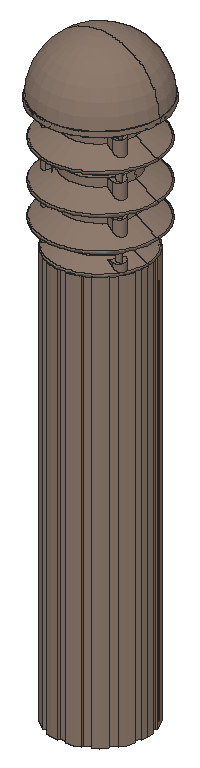
Revit family "BL5021", category Generic Models, Revit 2014
Parameters
  TOP CAP = Bronze, Architectural
  SUPPORT = Bronze, Architectural
  LOUVERS = Bronze, Architectural
  LENS = Acrylic
  BODY = Bronze, Architectural
Reference planes (in)
  plane 1 "Center (Front/Back)": y = 0
  plane 2: z = 0
  plane 3 "Center (Left/Right)": x = 0
Forms (in)
  Revolve 1, solid, material "Bronze, Architectural" <- "TOP CAP"
    sketch origin (0, 0, 0) x (1, 0, 0) y (0, 0, 1)
      loop
        arc (3.09692, 29.16516) -> (2.15586, 31.29218) -> (0, 32.16516) r 3.09849
        line (0, 32.16516) -> (0, 28.80573) -> (2.9375, 28.80573)
        arc (2.9375, 28.80573) -> (2.99598, 28.84617) -> (2.97878, 28.91516) r 0.0625
        line (2.97878, 28.91516) -> (3.15625, 28.91516) -> (3.14752, 29.16516) -> (3.09692, 29.16516)
      axis (0, 28.80573) -> (0, 32.16516)
    angle from 0 to 360
  Revolve 2, solid, material "Bronze, Architectural" <- "LOUVERS"
    sketch origin (0, 0, 0) x (1, 0, 0) y (0, 0, 1)
      loop
        line (0, 28.2684) -> (0, 27.08698) -> (2.9375, 27.08698)
        arc (2.9375, 27.08698) -> (2.99787, 27.13331) -> (2.96875, 27.20361) r 0.0625
        line (2.96875, 27.20361) -> (1.82813, 27.86215) -> (1.8125, 28.2684) -> (0, 28.2684)
      axis (0, 28.2684) -> (0, 27.08698)
    angle from 0 to 360
  Revolve 3, solid, material "Bronze, Architectural" <- "LOUVERS"
    sketch origin (0, 0, -2) x (1, 0, 0) y (0, 0, 1)
      loop
        line (0, 28.2684) -> (0, 27.08698) -> (2.9375, 27.08698)
        arc (2.9375, 27.08698) -> (2.99787, 27.13331) -> (2.96875, 27.20361) r 0.0625
        line (2.96875, 27.20361) -> (1.82813, 27.86215) -> (1.8125, 28.2684) -> (0, 28.2684)
      axis (0, 28.2684) -> (0, 27.08698)
    angle from 0 to 360
  Revolve 4, solid, material "Bronze, Architectural" <- "LOUVERS"
    sketch origin (0, 0, -3.71875) x (1, 0, 0) y (0, 0, 1)
      loop
        line (0, 28.2684) -> (0, 27.08698) -> (2.9375, 27.08698)
        arc (2.9375, 27.08698) -> (2.99787, 27.13331) -> (2.96875, 27.20361) r 0.0625
        line (2.96875, 27.20361) -> (1.82813, 27.86215) -> (1.8125, 28.2684) -> (0, 28.2684)
      axis (0, 28.2684) -> (0, 27.08698)
    angle from 0 to 360
  Revolve 5, solid, material "Bronze, Architectural" <- "BODY"
    sketch origin (0, 0, 0) x (1, 0, 0) y (0, 0, 1)
      loop
        line (0, 0) -> (2.5, 0) -> (2.5, 22.00001) -> (2.4375, 22.00001)
        arc (2.4375, 22.00001) -> (2.49787, 22.04633) -> (2.46875, 22.11664) r 0.0625
        line (2.46875, 22.11664) -> (1.71875, 22.54965) -> (0, 22.54965) -> (0, 0)
      axis (0, 22.54965) -> (0, 0)
    angle from 0 to 360
  Extrusion 6, void
    sketch origin (0, 0, 0) x (1, 0, 0) y (0, 0, 1)
      loop
        line (0.20139, 22.00001) -> (-0.20139, 22.00001) -> (-0.20139, 0) -> (0.20139, 0) -> (0.20139, 22.00001)
    from -3.15625 to -2.373
  Extrusion 7, void
    sketch origin (0, 0, 0) x (0.900969, 0.433884, 0) y (0, 0, 1)
      loop
        line (0.20139, 22.00001) -> (-0.20139, 22.00001) -> (-0.20139, 0) -> (0.20139, 0) -> (0.20139, 22.00001)
    from -3.15625 to -2.373
  Extrusion 8, void
    sketch origin (0, 0, 0) x (0.62349, 0.781831, 0) y (0, 0, 1)
      loop
        line (0.20139, 22.00001) -> (-0.20139, 22.00001) -> (-0.20139, 0) -> (0.20139, 0) -> (0.20139, 22.00001)
    from -3.15625 to -2.373
  Extrusion 9, void
    sketch origin (0, 0, 0) x (0.222521, 0.974928, 0) y (0, 0, 1)
      loop
        line (0.20139, 22.00001) -> (-0.20139, 22.00001) -> (-0.20139, 0) -> (0.20139, 0) -> (0.20139, 22.00001)
    from -3.15625 to -2.373
  Extrusion 10, void
    sketch origin (0, 0, 0) x (0.900969, -0.433884, 0) y (0, 0, 1)
      loop
        line (0.20139, 22.00001) -> (-0.20139, 22.00001) -> (-0.20139, 0) -> (0.20139, 0) -> (0.20139, 22.00001)
    from -3.15625 to -2.373
  Extrusion 11, void
    sketch origin (0, 0, 0) x (0.62349, -0.781831, 0) y (0, 0, 1)
      loop
        line (0.20139, 22.00001) -> (-0.20139, 22.00001) -> (-0.20139, 0) -> (0.20139, 0) -> (0.20139, 22.00001)
    from -3.15625 to -2.373
  Extrusion 12, void
    sketch origin (0, 0, 0) x (0.222521, -0.974928, 0) y (0, 0, 1)
      loop
        line (0.20139, 22.00001) -> (-0.20139, 22.00001) -> (-0.20139, 0) -> (0.20139, 0) -> (0.20139, 22.00001)
    from -3.15625 to -2.373
  Extrusion 13, void
    sketch origin (0, 0, 0) x (-0.222521, -0.974928, 0) y (0, 0, 1)
      loop
        line (0.20139, 22.00001) -> (-0.20139, 22.00001) -> (-0.20139, 0) -> (0.20139, 0) -> (0.20139, 22.00001)
    from -3.15625 to -2.373
  Extrusion 14, void
    sketch origin (0, 0, 0) x (-0.62349, -0.781831, 0) y (0, 0, 1)
      loop
        line (0.20139, 22.00001) -> (-0.20139, 22.00001) -> (-0.20139, 0) -> (0.20139, 0) -> (0.20139, 22.00001)
    from -3.15625 to -2.373
  Extrusion 15, void
    sketch origin (0, 0, 0) x (-0.222521, 0.974928, 0) y (0, 0, 1)
      loop
        line (0.20139, 22.00001) -> (-0.20139, 22.00001) -> (-0.20139, 0) -> (0.20139, 0) -> (0.20139, 22.00001)
    from -3.15625 to -2.373
  Extrusion 16, void
    sketch origin (0, 0, 0) x (-0.62349, 0.781831, 0) y (0, 0, 1)
      loop
        line (0.20139, 22.00001) -> (-0.20139, 22.00001) -> (-0.20139, 0) -> (0.20139, 0) -> (0.20139, 22.00001)
    from -3.15625 to -2.373
  Extrusion 17, void
    sketch origin (0, 0, 0) x (-0.900969, 0.433884, 0) y (0, 0, 1)
      loop
        line (0.20139, 22.00001) -> (-0.20139, 22.00001) -> (-0.20139, 0) -> (0.20139, 0) -> (0.20139, 22.00001)
    from -3.15625 to -2.373
  Extrusion 18, void
    sketch origin (0, 0, 0) x (-0.900969, -0.433884, 0) y (0, 0, 1)
      loop
        line (0.20139, 22.00001) -> (-0.20139, 22.00001) -> (-0.20139, 0) -> (0.20139, 0) -> (0.20139, 22.00001)
    from -3.15625 to -2.373
  Extrusion 19, void
    sketch origin (0, 0, 0) x (-1, 0, 0) y (0, 0, 1)
      loop
        line (0.20139, 22.00001) -> (-0.20139, 22.00001) -> (-0.20139, 0) -> (0.20139, 0) -> (0.20139, 22.00001)
    from -3.15625 to -2.373
  Revolve 20, solid, material "Acrylic" <- "LENS"
    sketch origin (0.00004, 0, 0) x (1, 0, 0) y (0, 0, 1)
      loop
        line (1.5644, 22.54965) -> (1.5644, 28.80473) -> (0, 28.80473) -> (0, 22.54965) -> (1.5644, 22.54965)
      axis (0, 28.80473) -> (0, 22.54965)
    angle from 0 to 360
  Revolve 21, void
    sketch origin (0, 0, 0) x (1, 0, 0) y (0, 0, 1)
      loop
        line (1.56444, 22.54965) -> (1.56444, 29.16516) -> (0, 29.16516) -> (0, 22.54965) -> (1.56444, 22.54965)
      axis (0, 29.16516) -> (0, 22.54965)
    angle from 0 to 360
  Extrusion 22, solid, material "Bronze, Architectural" <- "SUPPORT"
    sketch origin (-29.311, 43.72954, 0) x (1, 0, 0) y (0, 1, 0)
      loop
        line (29.00773, -41.53245) -> (28.90475, -41.94683) -> (29.71725, -41.94683) -> (29.61428, -41.53245)
        arc (29.61428, -41.53245) -> (29.311, -41.29531) -> (29.00773, -41.53245) r 0.3125
    from 23.36823 to 24.54965
  Extrusion 23, solid, material "Bronze, Architectural" <- "SUPPORT"
    sketch origin (-5.52885, -0.7968, 0) x (1, 0, 0) y (0, 1, 0)
      loop
        circle (5.52885, 2.90527) r 0.125
    from 22.00001 to 28.91516
  Extrusion 24, solid, material "Bronze, Architectural" <- "SUPPORT"
    sketch origin (-29.311, 43.72954, 0) x (1, 0, 0) y (0, 1, 0)
      loop
        line (29.00773, -41.53245) -> (28.90475, -41.94683) -> (29.71725, -41.94683) -> (29.61428, -41.53245)
        arc (29.61428, -41.53245) -> (29.311, -41.29531) -> (29.00773, -41.53245) r 0.3125
    from 25.08698 to 26.2684
  Extrusion 25, solid, material "Bronze, Architectural" <- "SUPPORT"
    sketch origin (-29.311, 43.72954, 0) x (1, 0, 0) y (0, 1, 0)
      loop
        line (29.00773, -41.53245) -> (28.90475, -41.94683) -> (29.71725, -41.94683) -> (29.61428, -41.53245)
        arc (29.61428, -41.53245) -> (29.311, -41.29531) -> (29.00773, -41.53245) r 0.3125
    from 27.08698 to 28.2684
  Extrusion 26, solid, material "Bronze, Architectural" <- "SUPPORT"
    sketch origin (-29.311, 43.72954, 0) x (1, 0, 0) y (0, 1, 0)
      loop
        line (29.00773, -41.53245) -> (28.90475, -41.94683) -> (29.71725, -41.94683) -> (29.61428, -41.53245)
        arc (29.61428, -41.53245) -> (29.311, -41.29531) -> (29.00773, -41.53245) r 0.3125
    from 22.00001 to 22.48122
  Extrusion 27, solid, material "Bronze, Architectural" <- "SUPPORT"
    sketch origin (-23.21539, -47.24884, 0) x (-0.5, 0.866025, 0) y (-0.866025, -0.5, 0)
      loop
        line (29.00773, -41.53245) -> (28.90475, -41.94683) -> (29.71725, -41.94683) -> (29.61428, -41.53245)
        arc (29.61428, -41.53245) -> (29.311, -41.29531) -> (29.00773, -41.53245) r 0.3125
    from 23.36823 to 24.54965
  Extrusion 28, solid, material "Bronze, Architectural" <- "SUPPORT"
    sketch origin (3.45447, -4.38973, 0) x (-0.5, 0.866025, 0) y (-0.866025, -0.5, 0)
      loop
        circle (5.52885, 2.90527) r 0.125
    from 22.00001 to 28.91516
  Extrusion 29, solid, material "Bronze, Architectural" <- "SUPPORT"
    sketch origin (-23.21539, -47.24884, 0) x (-0.5, 0.866025, 0) y (-0.866025, -0.5, 0)
      loop
        line (29.00773, -41.53245) -> (28.90475, -41.94683) -> (29.71725, -41.94683) -> (29.61428, -41.53245)
        arc (29.61428, -41.53245) -> (29.311, -41.29531) -> (29.00773, -41.53245) r 0.3125
    from 25.08698 to 26.2684
  Extrusion 30, solid, material "Bronze, Architectural" <- "SUPPORT"
    sketch origin (-23.21539, -47.24884, 0) x (-0.5, 0.866025, 0) y (-0.866025, -0.5, 0)
      loop
        line (29.00773, -41.53245) -> (28.90475, -41.94683) -> (29.71725, -41.94683) -> (29.61428, -41.53245)
        arc (29.61428, -41.53245) -> (29.311, -41.29531) -> (29.00773, -41.53245) r 0.3125
    from 27.08698 to 28.2684
  Extrusion 31, solid, material "Bronze, Architectural" <- "SUPPORT"
    sketch origin (-23.21539, -47.24884, 0) x (-0.5, 0.866025, 0) y (-0.866025, -0.5, 0)
      loop
        line (29.00773, -41.53245) -> (28.90475, -41.94683) -> (29.71725, -41.94683) -> (29.61428, -41.53245)
        arc (29.61428, -41.53245) -> (29.311, -41.29531) -> (29.00773, -41.53245) r 0.3125
    from 22.00001 to 22.48122
  Extrusion 32, solid, material "Bronze, Architectural" <- "SUPPORT"
    sketch origin (52.52639, 3.5193, 0) x (-0.5, -0.866025, 0) y (0.866025, -0.5, 0)
      loop
        line (29.00773, -41.53245) -> (28.90475, -41.94683) -> (29.71725, -41.94683) -> (29.61428, -41.53245)
        arc (29.61428, -41.53245) -> (29.311, -41.29531) -> (29.00773, -41.53245) r 0.3125
    from 23.36823 to 24.54965
  Extrusion 33, solid, material "Bronze, Architectural" <- "SUPPORT"
    sketch origin (2.07438, 5.18652, 0) x (-0.5, -0.866025, 0) y (0.866025, -0.5, 0)
      loop
        circle (5.52885, 2.90527) r 0.125
    from 22.00001 to 28.91516
  Extrusion 34, solid, material "Bronze, Architectural" <- "SUPPORT"
    sketch origin (52.52639, 3.5193, 0) x (-0.5, -0.866025, 0) y (0.866025, -0.5, 0)
      loop
        line (29.00773, -41.53245) -> (28.90475, -41.94683) -> (29.71725, -41.94683) -> (29.61428, -41.53245)
        arc (29.61428, -41.53245) -> (29.311, -41.29531) -> (29.00773, -41.53245) r 0.3125
    from 25.08698 to 26.2684
  Extrusion 35, solid, material "Bronze, Architectural" <- "SUPPORT"
    sketch origin (52.52639, 3.5193, 0) x (-0.5, -0.866025, 0) y (0.866025, -0.5, 0)
      loop
        line (29.00773, -41.53245) -> (28.90475, -41.94683) -> (29.71725, -41.94683) -> (29.61428, -41.53245)
        arc (29.61428, -41.53245) -> (29.311, -41.29531) -> (29.00773, -41.53245) r 0.3125
    from 27.08698 to 28.2684
  Extrusion 36, solid, material "Bronze, Architectural" <- "SUPPORT"
    sketch origin (52.52639, 3.5193, 0) x (-0.5, -0.866025, 0) y (0.866025, -0.5, 0)
      loop
        line (29.00773, -41.53245) -> (28.90475, -41.94683) -> (29.71725, -41.94683) -> (29.61428, -41.53245)
        arc (29.61428, -41.53245) -> (29.311, -41.29531) -> (29.00773, -41.53245) r 0.3125
    from 22.00001 to 22.48122
Cuts and joins
  Extrusion 6, Extrusion 7, Extrusion 8, Extrusion 9, Extrusion 10, Extrusion 11, Extrusion 12, Extrusion 13, Extrusion 14, Extrusion 15, Extrusion 16, Extrusion 17, Extrusion 18, Extrusion 19, Revolve 21 cuts Revolve 5
  Revolve 21 cuts Revolve 2
  Revolve 21 cuts Revolve 3
  Revolve 21 cuts Revolve 4
Dimensions and locks (in)
  aligned and locked: plane 2 to level
